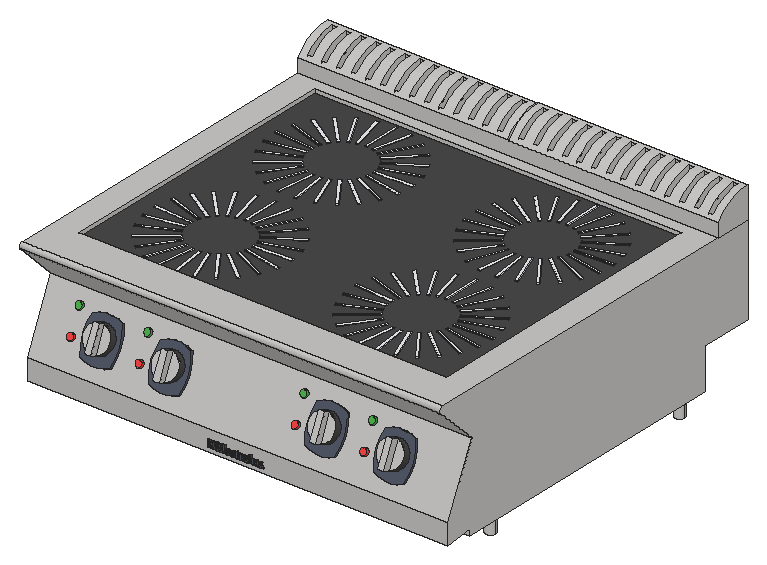
Revit family "QF_ELECTROLUXPROFESSIONAL_371134_E7IREH400N", category Specialty Equipment, Revit 2018
Family settings
  Round Connector Dimension = Use Diameter
  Part Type = Normal
  Work Plane-Based = No
  Always vertical = Yes
  Cut with Voids When Loaded = No
  Shared = No
  Room Calculation Point = No
Parameters
  Width = 800 mm  # constant formula
  Weight in Pounds = 77  # constant formula
  Watts = 8800 VA  # 8800 W
  Volts = 230 V  # constant formula
  URL Cutsheet = "www.electrolux.com/foodservice"
  URL = "www.electrolux.com/foodservice"
  Type Mark [instance] = ""
  Status [instance] = ""
  Specification by User [instance] = ""
  Specification by Manufacturer = ""
  Show Logo [instance] = yes
  Show Clearance [instance] = yes
  Serial Number = ""
  Seismic Rating = ""
  SMACNA No = ""
  Revision Code [instance] = ""
  Phase = 3  # constant formula
  Omniclass Number and Title = ""
  Number of Poles [instance] = 1
  NAFEM Spec ID Number = ""
  Model = "371134"
  Min Ckt Ampacity = 0 A
  Max Overcurrent Protection = 0 A
  Masterspec = ""
  Manufacturer = "ELECTROLUX"
  Item Number [instance] = ""
  Installed By [instance] = ""
  Identify Quantity as Lot [instance] = yes
  Height = 332 mm  # constant formula
  HP = "11.8 HP"
  Furnished By [instance] = ""
  Foodservice Equipment Identifier [instance] = yes
  FL Amps = if(Phase = 3, Watts / (Volts * 1.73), Watts / Volts)  # 22.1161 A
  Electrical Remarks [instance] = "230 V/3 ph/50/60 Hz"  # constant formula
  Electric Connection Type [instance] = ""
  Elec Conn RI Height [instance] = 0 mm
  Elec Conn Connection Height [instance] = 0 mm
  Direct Waste Size = 0"
  Description = "700XP 4 Zone Electric Infrared Cooking Top Range - 230V"
  Depth = 730 mm  # constant formula
  Cycle = if([60 Hertz Option], 60 Hz, 50 Hz)  # 60 Hz
  Conn Plug = ""
  Conn Conduit = yes
  CSI MasterFormat = ""
  CSI Master Format = ""
  Base Height [instance] = 24 mm  # constant formula
  Apparent Power = if(Phase = 3, Volts * FL Amps * 1.73, Volts * FL Amps)  # 8800 VA
  60 Hertz Option = not([50 Hertz Option])  # yes
  50 Hertz Option = no
Reference planes
  plane 1 "BACK": y = 0
  plane 2: z = 0
  plane 3 "LEFT": x = 0
  plane 4 "RIGHT": x = 800
  plane 5 "FRONT": y = -730
  plane 6 "TOP": z = 332
  plane 7 "Center Y": x = 400
  plane 8 "Center X": y = -365
  plane 9 "BASE": z = 24
  plane 10 "TOP A": z = 273.238
  plane 11: y = -597.884
  plane 12: y = -147.637
Forms (mm)
  Extrusion 1, solid, material "QF_Finishes_Stainless Steel"
    sketch origin (0, 0, 0) x (0, 1, 0) y (0, 0, 1)
      loop
        line (0, 273.237) -> (-725.027, 273.237)
        arc (-725.027, 273.237) -> (-730.893, 269.318) -> (-729.517, 262.397) r 6.35
        line (-729.517, 262.397) -> (-657.416, 190.047) -> (-713.522, 69.19) -> (-713.522, 31.09) -> (-660.4, 36.7) -> (-660.4, 24) -> (-101.6, 24) -> (-101.6, 101.788) -> (0, 101.788) -> (0, 273.237)
    from 0 to 800
  Extrusion 2, void
    sketch origin (0, 0, 273.238) x (-1, 0, 0) y (0, -1, 0)
      loop
        line (-50, 93.262) -> (-50, 653.262) -> (-750, 653.262) -> (-750, 93.262) -> (-50, 93.262)
    from 0 to -6.35
  Extrusion 3, solid, material "QF_Finishes_Stainless Steel"
    sketch origin (0, 0, 0) x (1, 0, 0) y (0, 1, 0)
      loop
        circle (11.112, -147.638) r 9.525
      loop
        circle (11.112, -597.884) r 9.525
      loop
        circle (788.887, -147.638) r 9.525
      loop
        circle (788.887, -597.884) r 9.525
    from 0 to 24
  Extrusion 4, solid, material "QF_Finishes_Navy Blue"
    sketch origin (-40.325, -713.522, 69.19) x (0, 0.421077, 0.907025) y (-1, 0, 0)
      loop
        arc (101.077, -132.565) -> (66.2, -125.548) -> (31.333, -132.61) r 89.894
        arc (31.333, -132.61) -> (24.638, -161.14) -> (31.333, -189.671) r 64.14
        arc (31.333, -189.671) -> (66.2, -196.736) -> (101.077, -189.715) r 89.853
        arc (101.077, -189.715) -> (107.792, -161.14) -> (101.077, -132.565) r 64.16
    from 0 to 3.175
  Extrusion 5, solid, material "QF_Finishes_Stainless Steel"
    sketch origin (-40.325, -716.402, 70.527) x (0, 0.421077, 0.907025) y (-1, 0, 0)
      loop
        circle (68.826, -160.963) r 25.4
    from 0 to 12.7
  Extrusion 6, solid, material "QF_Finishes_Stainless Steel"
    sketch origin (-40.325, -727.921, 75.875) x (0, 0.421077, 0.907025) y (-1, 0, 0)
      loop
        arc (93.558, -166.749) -> (94.226, -160.963) -> (93.558, -155.177) r 25.4
        line (93.558, -155.177) -> (44.094, -155.177)
        arc (44.094, -155.177) -> (43.426, -160.963) -> (44.094, -166.749) r 25.4
        line (44.094, -166.749) -> (93.558, -166.749)
    from 0 to 12.7
  Extrusion 7, solid, material "QF_Finishes_Green"
    sketch origin (-95, -709.311, 78.261) x (0, 0.421077, 0.907025) y (-1, 0, 0)
      loop
        circle (93.566, -160.648) r 6.35
    from 0 to 3.175
  Extrusion 8, solid, material "QF_Finishes_Red"
    sketch origin (-95, -719.312, 56.719) x (0, 0.421077, 0.907025) y (-1, 0, 0)
      loop
        circle (68.272, -160.648) r 6.4
    from 0 to 3.175
  Extrusion 9, solid, material "QF_Finishes_Stainless Steel"
    sketch origin (0, -101.6, 101.788) x (0, 0, -1) y (-1, 0, 0)
      loop
        circle (43.882, -736.5) r 12.7
    from 0 to 12.7
  Extrusion 10, solid, material "QF_Finishes_Clearance", visible <- "Show Clearance", detail levels coarse
    sketch origin (0, 0, 0) x (1, 0, 0) y (0, 1, 0)
      loop
        line (0, -731.377) -> (0, 0) -> (800, 0) -> (800, -731.377) -> (950.019, -731.377) -> (950.019, 150.019) -> (-150.019, 150.019) -> (-150.019, -731.377) -> (0, -731.377)
    from 0 to 332
  Extrusion 11, solid, material "QF_Finishes_Stainless Steel"
    sketch origin (0, 0, -1.4) x (0, 1, 0) y (0, 0, 1)
      loop
        line (0, 274.638) -> (0, 333.375)
        arc (0, 333.375) -> (-38.879, 324.991) -> (-69.85, 300.038) r 86.156
        line (-69.85, 300.038) -> (-69.85, 274.638) -> (0, 274.638)
    from 0 to 800.1
  Extrusion 12, void
    sketch origin (0, 0, 273.238) x (-1, 0, 0) y (0, -1, 0)
      loop
        line (-13.453, 6.761) -> (-13.453, 63.911) -> (-22.749, 63.911) -> (-22.749, 6.761) -> (-13.453, 6.761)
    from 25.4 to 63.5
  Extrusion 13, void
    sketch origin (361.95, 0, 273.238) x (-1, 0, 0) y (0, -1, 0)
      loop
        line (-13.453, 6.761) -> (-13.453, 63.911) -> (-22.749, 63.911) -> (-22.749, 6.761) -> (-13.453, 6.761)
    from 25.4 to 63.5
  Extrusion 14, void
    sketch origin (27.842, 0, 273.238) x (-1, 0, 0) y (0, -1, 0)
      loop
        line (-13.453, 6.761) -> (-13.453, 63.911) -> (-22.749, 63.911) -> (-22.749, 6.761) -> (-13.453, 6.761)
    from 25.4 to 63.5
  Extrusion 15, void
    sketch origin (55.685, 0, 273.238) x (-1, 0, 0) y (0, -1, 0)
      loop
        line (-13.453, 6.761) -> (-13.453, 63.911) -> (-22.749, 63.911) -> (-22.749, 6.761) -> (-13.453, 6.761)
    from 25.4 to 63.5
  Extrusion 16, void
    sketch origin (83.527, 0, 273.238) x (-1, 0, 0) y (0, -1, 0)
      loop
        line (-13.453, 6.761) -> (-13.453, 63.911) -> (-22.749, 63.911) -> (-22.749, 6.761) -> (-13.453, 6.761)
    from 25.4 to 63.5
  Extrusion 17, void
    sketch origin (111.369, 0, 273.238) x (-1, 0, 0) y (0, -1, 0)
      loop
        line (-13.453, 6.761) -> (-13.453, 63.911) -> (-22.749, 63.911) -> (-22.749, 6.761) -> (-13.453, 6.761)
    from 25.4 to 63.5
  Extrusion 18, void
    sketch origin (139.212, 0, 273.238) x (-1, 0, 0) y (0, -1, 0)
      loop
        line (-13.453, 6.761) -> (-13.453, 63.911) -> (-22.749, 63.911) -> (-22.749, 6.761) -> (-13.453, 6.761)
    from 25.4 to 63.5
  Extrusion 19, void
    sketch origin (167.054, 0, 273.238) x (-1, 0, 0) y (0, -1, 0)
      loop
        line (-13.453, 6.761) -> (-13.453, 63.911) -> (-22.749, 63.911) -> (-22.749, 6.761) -> (-13.453, 6.761)
    from 25.4 to 63.5
  Extrusion 20, void
    sketch origin (194.896, 0, 273.238) x (-1, 0, 0) y (0, -1, 0)
      loop
        line (-13.453, 6.761) -> (-13.453, 63.911) -> (-22.749, 63.911) -> (-22.749, 6.761) -> (-13.453, 6.761)
    from 25.4 to 63.5
  Extrusion 21, void
    sketch origin (222.738, 0, 273.238) x (-1, 0, 0) y (0, -1, 0)
      loop
        line (-13.453, 6.761) -> (-13.453, 63.911) -> (-22.749, 63.911) -> (-22.749, 6.761) -> (-13.453, 6.761)
    from 25.4 to 63.5
  Extrusion 22, void
    sketch origin (250.581, 0, 273.238) x (-1, 0, 0) y (0, -1, 0)
      loop
        line (-13.453, 6.761) -> (-13.453, 63.911) -> (-22.749, 63.911) -> (-22.749, 6.761) -> (-13.453, 6.761)
    from 25.4 to 63.5
  Extrusion 23, void
    sketch origin (278.423, 0, 273.238) x (-1, 0, 0) y (0, -1, 0)
      loop
        line (-13.453, 6.761) -> (-13.453, 63.911) -> (-22.749, 63.911) -> (-22.749, 6.761) -> (-13.453, 6.761)
    from 25.4 to 63.5
  Extrusion 24, void
    sketch origin (306.265, 0, 273.238) x (-1, 0, 0) y (0, -1, 0)
      loop
        line (-13.453, 6.761) -> (-13.453, 63.911) -> (-22.749, 63.911) -> (-22.749, 6.761) -> (-13.453, 6.761)
    from 25.4 to 63.5
  Extrusion 25, void
    sketch origin (334.108, 0, 273.238) x (-1, 0, 0) y (0, -1, 0)
      loop
        line (-13.453, 6.761) -> (-13.453, 63.911) -> (-22.749, 63.911) -> (-22.749, 6.761) -> (-13.453, 6.761)
    from 25.4 to 63.5
  Extrusion 26, void
    sketch origin (800.1, 0, 273.238) x (1, 0, 0) y (0, 1, 0)
      loop
        line (-13.453, -6.761) -> (-22.749, -6.761) -> (-22.749, -63.911) -> (-13.453, -63.911) -> (-13.453, -6.761)
    from 25.4 to 63.5
  Extrusion 27, void
    sketch origin (438.15, 0, 273.238) x (1, 0, 0) y (0, 1, 0)
      loop
        line (-13.453, -6.761) -> (-22.749, -6.761) -> (-22.749, -63.911) -> (-13.453, -63.911) -> (-13.453, -6.761)
    from 25.4 to 63.5
  Extrusion 28, void
    sketch origin (772.258, 0, 273.238) x (1, 0, 0) y (0, 1, 0)
      loop
        line (-13.453, -6.761) -> (-22.749, -6.761) -> (-22.749, -63.911) -> (-13.453, -63.911) -> (-13.453, -6.761)
    from 25.4 to 63.5
  Extrusion 29, void
    sketch origin (744.415, 0, 273.238) x (1, 0, 0) y (0, 1, 0)
      loop
        line (-13.453, -6.761) -> (-22.749, -6.761) -> (-22.749, -63.911) -> (-13.453, -63.911) -> (-13.453, -6.761)
    from 25.4 to 63.5
  Extrusion 30, void
    sketch origin (716.573, 0, 273.238) x (1, 0, 0) y (0, 1, 0)
      loop
        line (-13.453, -6.761) -> (-22.749, -6.761) -> (-22.749, -63.911) -> (-13.453, -63.911) -> (-13.453, -6.761)
    from 25.4 to 63.5
  Extrusion 31, void
    sketch origin (688.731, 0, 273.238) x (1, 0, 0) y (0, 1, 0)
      loop
        line (-13.453, -6.761) -> (-22.749, -6.761) -> (-22.749, -63.911) -> (-13.453, -63.911) -> (-13.453, -6.761)
    from 25.4 to 63.5
  Extrusion 32, void
    sketch origin (660.888, 0, 273.238) x (1, 0, 0) y (0, 1, 0)
      loop
        line (-13.453, -6.761) -> (-22.749, -6.761) -> (-22.749, -63.911) -> (-13.453, -63.911) -> (-13.453, -6.761)
    from 25.4 to 63.5
  Extrusion 33, void
    sketch origin (633.046, 0, 273.238) x (1, 0, 0) y (0, 1, 0)
      loop
        line (-13.453, -6.761) -> (-22.749, -6.761) -> (-22.749, -63.911) -> (-13.453, -63.911) -> (-13.453, -6.761)
    from 25.4 to 63.5
  Extrusion 34, void
    sketch origin (605.204, 0, 273.238) x (1, 0, 0) y (0, 1, 0)
      loop
        line (-13.453, -6.761) -> (-22.749, -6.761) -> (-22.749, -63.911) -> (-13.453, -63.911) -> (-13.453, -6.761)
    from 25.4 to 63.5
  Extrusion 35, void
    sketch origin (577.362, 0, 273.238) x (1, 0, 0) y (0, 1, 0)
      loop
        line (-13.453, -6.761) -> (-22.749, -6.761) -> (-22.749, -63.911) -> (-13.453, -63.911) -> (-13.453, -6.761)
    from 25.4 to 63.5
  Extrusion 36, void
    sketch origin (549.519, 0, 273.238) x (1, 0, 0) y (0, 1, 0)
      loop
        line (-13.453, -6.761) -> (-22.749, -6.761) -> (-22.749, -63.911) -> (-13.453, -63.911) -> (-13.453, -6.761)
    from 25.4 to 63.5
  Extrusion 37, void
    sketch origin (521.677, 0, 273.238) x (1, 0, 0) y (0, 1, 0)
      loop
        line (-13.453, -6.761) -> (-22.749, -6.761) -> (-22.749, -63.911) -> (-13.453, -63.911) -> (-13.453, -6.761)
    from 25.4 to 63.5
  Extrusion 38, void
    sketch origin (493.835, 0, 273.238) x (1, 0, 0) y (0, 1, 0)
      loop
        line (-13.453, -6.761) -> (-22.749, -6.761) -> (-22.749, -63.911) -> (-13.453, -63.911) -> (-13.453, -6.761)
    from 25.4 to 63.5
  Extrusion 39, void
    sketch origin (465.992, 0, 273.238) x (1, 0, 0) y (0, 1, 0)
      loop
        line (-13.453, -6.761) -> (-22.749, -6.761) -> (-22.749, -63.911) -> (-13.453, -63.911) -> (-13.453, -6.761)
    from 25.4 to 63.5
  Extrusion 40, void
    sketch origin (418.151, 0, 273.238) x (1, 0, 0) y (0, 1, 0)
      loop
        line (-16.513, 0) -> (-19.688, 0) -> (-19.688, -69.85) -> (-16.513, -69.85) -> (-16.513, 0)
    from 25.4 to 63.5
  Extrusion 41, solid, material "QF_Finishes_Navy Blue", visible <- "Show Logo"
    sketch origin (57.747, -713.772, 32.49) x (0, 0, 1) y (-1, 0, 0)
      loop
        line (20.674, -296.698) -> (8.307, -296.698)
        arc (8.307, -296.698) -> (14.491, -301.27) -> (20.674, -296.698) r 6.467
      loop
        arc (20.674, -296.069) -> (19.505, -290.926) -> (14.849, -288.448) r 6.338
        line (14.849, -288.448) -> (14.849, -290.494)
        arc (14.849, -290.494) -> (16.333, -294.149) -> (19.778, -296.069) r 5.941
        line (19.778, -296.069) -> (20.674, -296.069)
      loop
        arc (9.203, -296.069) -> (12.648, -294.149) -> (14.132, -290.494) r 5.941
        line (14.132, -290.494) -> (14.132, -288.448)
        arc (14.132, -288.448) -> (9.438, -290.922) -> (8.148, -296.069) r 6.504
        line (8.148, -296.069) -> (9.203, -296.069)
      loop
        line (21.349, -287.979) -> (7.604, -287.979) -> (7.604, -301.742) -> (21.349, -301.742) -> (21.349, -287.979)
      loop
        arc (21.432, -304.71) -> (21.085, -304.352) -> (20.718, -304.69) r 0.358
        arc (20.718, -304.69) -> (20.404, -305.44) -> (19.687, -305.825) r 1.216
        line (19.687, -305.825) -> (9.274, -305.825)
        arc (9.274, -305.825) -> (8.614, -305.548) -> (8.218, -304.951) r 1.238
        arc (8.218, -304.951) -> (7.823, -304.7) -> (7.518, -305.054) r 0.358
        line (7.518, -305.054) -> (7.518, -314.933) -> (10.269, -314.933) -> (10.269, -314.036)
        arc (10.269, -314.036) -> (9.36, -313.456) -> (8.904, -312.479) r 1.928
        line (8.904, -312.479) -> (8.904, -309.98)
        arc (8.904, -309.98) -> (9.18, -309.251) -> (9.868, -308.887) r 1.101
        line (9.868, -308.887) -> (13.955, -308.887) -> (13.955, -312.561)
        arc (13.955, -312.561) -> (13.602, -313.058) -> (13.037, -313.286) r 1.083
        arc (13.037, -313.286) -> (12.773, -313.591) -> (13.065, -313.869) r 0.292
        line (13.065, -313.869) -> (16.028, -313.869)
        arc (16.028, -313.869) -> (16.33, -313.596) -> (16.092, -313.266) r 0.305
        arc (16.092, -313.266) -> (15.601, -313.018) -> (15.296, -312.561) r 1.083
        line (15.296, -312.561) -> (15.296, -308.887) -> (19.973, -308.887) -> (19.973, -312.635)
        arc (19.973, -312.635) -> (19.759, -313.39) -> (19.153, -313.888) r 1.314
        arc (19.153, -313.888) -> (18.934, -314.292) -> (19.288, -314.585) r 0.361
        line (19.288, -314.585) -> (21.432, -314.585) -> (21.432, -304.71)
      loop
        arc (20.715, -315.365) -> (20.335, -316.284) -> (19.416, -316.664) r 1.299
        line (19.416, -316.664) -> (9.837, -316.664)
        arc (9.837, -316.664) -> (8.999, -316.286) -> (8.728, -315.408) r 1.118
        line (8.728, -315.408) -> (7.518, -315.408) -> (7.518, -320.758) -> (8.706, -320.758)
        arc (8.706, -320.758) -> (8.978, -319.841) -> (9.848, -319.445) r 1.153
        line (9.848, -319.445) -> (21.92, -319.445) -> (20.715, -315.365)
      loop
        line (12.483, -323.394) -> (12.483, -329.842) -> (13.282, -329.842)
        arc (13.282, -329.842) -> (15.862, -328.857) -> (17.131, -326.404) r 3.874
        line (17.131, -326.404) -> (17.131, -324.643)
        arc (17.131, -324.643) -> (15.944, -321.778) -> (13.08, -320.592) r 4.051
        line (13.08, -320.592) -> (11.072, -320.592)
        arc (11.072, -320.592) -> (8.253, -322.077) -> (7.202, -325.084) r 4.352
        arc (7.202, -325.084) -> (7.566, -327.547) -> (8.943, -329.621) r 5.713
        line (8.943, -329.621) -> (9.892, -329.621)
        arc (9.892, -329.621) -> (9.16, -328.052) -> (8.943, -326.334) r 5.579
        arc (8.943, -326.334) -> (9.737, -324.371) -> (11.616, -323.394) r 3.057
        line (11.616, -323.394) -> (12.483, -323.394)
      loop
        line (13.742, -323.394) -> (13.742, -326.977)
        arc (13.742, -326.977) -> (15.199, -327.024) -> (16.082, -325.864) r 1.59
        line (16.082, -325.864) -> (16.082, -325.034)
        arc (16.082, -325.034) -> (15.217, -323.779) -> (13.742, -323.394) r 2.184
      loop
        arc (16.533, -339.259) -> (17.022, -337.585) -> (17.179, -335.848) r 9.023
        line (17.179, -335.848) -> (17.179, -334.486)
        arc (17.179, -334.486) -> (16.02, -331.686) -> (13.22, -330.527) r 3.959
        line (13.22, -330.527) -> (10.62, -330.527)
        arc (10.62, -330.527) -> (8.338, -331.819) -> (7.221, -334.192) r 4.331
        line (7.221, -334.192) -> (7.221, -336.327)
        arc (7.221, -336.327) -> (7.729, -337.877) -> (8.651, -339.223) r 5.772
        arc (8.651, -339.223) -> (9.412, -339.274) -> (9.499, -338.515) r 0.553
        arc (9.499, -338.515) -> (9.111, -337.781) -> (8.977, -336.962) r 2.573
        line (8.977, -336.962) -> (8.977, -335.447)
        arc (8.977, -335.447) -> (9.983, -333.806) -> (11.798, -333.163) r 2.884
        line (11.798, -333.163) -> (13.077, -333.163)
        arc (13.077, -333.163) -> (14.898, -333.723) -> (15.824, -335.388) r 2.554
        line (15.824, -335.388) -> (15.824, -336.441)
        arc (15.824, -336.441) -> (15.493, -337.369) -> (14.836, -338.104) r 2.564
        arc (14.836, -338.104) -> (14.614, -338.821) -> (15.223, -339.259) r 0.643
        line (15.223, -339.259) -> (16.533, -339.259)
      loop
        line (15.515, -339.53) -> (15.515, -341.031) -> (9.467, -341.031)
        arc (9.467, -341.031) -> (7.879, -341.688) -> (7.221, -343.276) r 2.246
        line (7.221, -343.276) -> (7.221, -344.86)
        arc (7.221, -344.86) -> (7.535, -345.725) -> (8.035, -346.496) r 4.06
        arc (8.035, -346.496) -> (8.768, -346.629) -> (9.019, -345.928) r 0.576
        arc (9.019, -345.928) -> (8.913, -345.403) -> (8.977, -344.87) r 1.69
        arc (8.977, -344.87) -> (9.519, -344.082) -> (10.425, -343.779) r 1.506
        line (10.425, -343.779) -> (15.563, -343.779) -> (15.563, -346.176) -> (16.119, -346.733) -> (16.941, -346.733) -> (16.941, -343.873) -> (20.172, -343.873) -> (15.515, -339.53)
      loop
        line (7.438, -347.63) -> (7.438, -353.017) -> (8.548, -353.017)
        arc (8.548, -353.017) -> (8.942, -352.066) -> (9.893, -351.672) r 1.345
        line (9.893, -351.672) -> (13.509, -351.672)
        arc (13.509, -351.672) -> (14.274, -352.264) -> (14.564, -353.186) r 1.615
        line (14.564, -353.186) -> (14.564, -354.742) -> (17.119, -355.427) -> (17.119, -354.044) -> (15.177, -351.485) -> (17.057, -351.485) -> (16.773, -348.779)
        arc (16.773, -348.779) -> (16.333, -348.249) -> (15.674, -348.45) r 0.621
        arc (15.674, -348.45) -> (15.274, -348.792) -> (14.78, -348.975) r 1.501
        line (14.78, -348.975) -> (9.893, -348.975)
        arc (9.893, -348.975) -> (8.942, -348.581) -> (8.548, -347.63) r 1.345
        line (8.548, -347.63) -> (7.438, -347.63)
      loop
        line (13.54, -354.964) -> (10.848, -354.964)
        arc (10.848, -354.964) -> (8.403, -356.272) -> (7.269, -358.803) r 4.288
        arc (7.269, -358.803) -> (7.205, -360.183) -> (7.269, -361.563) r 15.022
        arc (7.269, -361.563) -> (8.403, -364.094) -> (10.848, -365.401) r 4.288
        line (10.848, -365.401) -> (13.54, -365.401)
        arc (13.54, -365.401) -> (15.986, -364.094) -> (17.119, -361.563) r 4.288
        arc (17.119, -361.563) -> (17.183, -360.183) -> (17.119, -358.803) r 15.022
        arc (17.119, -358.803) -> (15.986, -356.272) -> (13.54, -354.964) r 4.288
      loop
        line (13.745, -358.078) -> (10.643, -358.078)
        arc (10.643, -358.078) -> (8.486, -360.235) -> (10.643, -362.392) r 2.157
        line (10.643, -362.392) -> (13.745, -362.392)
        arc (13.745, -362.392) -> (15.902, -360.235) -> (13.745, -358.078) r 2.157
      loop
        arc (20.726, -365.26) -> (20.355, -366.154) -> (19.461, -366.524) r 1.264
        line (19.461, -366.524) -> (9.597, -366.524)
        arc (9.597, -366.524) -> (8.727, -366.127) -> (8.455, -365.211) r 1.153
        line (8.455, -365.211) -> (7.518, -365.211) -> (7.518, -370.319) -> (8.446, -370.319)
        arc (8.446, -370.319) -> (8.805, -369.547) -> (9.597, -369.232) r 1.153
        line (9.597, -369.232) -> (21.92, -369.232) -> (20.726, -365.26)
      loop
        arc (15.846, -369.857) -> (15.647, -370.921) -> (14.678, -371.403) r 1.215
        line (14.678, -371.403) -> (9.658, -371.403)
        arc (9.658, -371.403) -> (8.043, -372.051) -> (7.322, -373.634) r 2.338
        line (7.322, -373.634) -> (7.322, -375.148)
        arc (7.322, -375.148) -> (7.497, -376.152) -> (7.999, -377.038) r 2.979
        line (7.999, -377.038) -> (7.518, -378.835) -> (7.518, -380.524) -> (16.943, -380.524) -> (16.649, -376.32) -> (15.863, -376.32)
        arc (15.863, -376.32) -> (15.507, -377.156) -> (14.755, -377.665) r 1.605
        line (14.755, -377.665) -> (9.652, -377.665)
        arc (9.652, -377.665) -> (9.232, -376.728) -> (9.159, -375.704) r 2.94
        arc (9.159, -375.704) -> (9.72, -374.603) -> (10.873, -374.16) r 1.724
        line (10.873, -374.16) -> (17.07, -374.16) -> (15.846, -369.857)
      loop
        line (16.874, -381.377) -> (15.202, -383.423) -> (12.028, -385.729) -> (8.572, -382.617)
        arc (8.572, -382.617) -> (8.335, -382.223) -> (8.357, -381.764) r 0.789
        line (8.357, -381.764) -> (7.518, -381.764) -> (7.518, -385.309) -> (8.344, -385.309)
        arc (8.344, -385.309) -> (8.686, -384.947) -> (9.176, -385.039) r 0.52
        line (9.176, -385.039) -> (10.976, -386.51) -> (8.858, -387.886)
        arc (8.858, -387.886) -> (8.457, -387.576) -> (8.37, -387.076) r 0.7
        line (8.37, -387.076) -> (7.518, -387.076) -> (7.518, -393.003) -> (8.405, -393.003)
        arc (8.405, -393.003) -> (8.472, -392.344) -> (8.866, -391.813) r 1.247
        line (8.866, -391.813) -> (13.066, -388.532) -> (15.513, -390.585) -> (16.874, -392.327) -> (16.874, -388.604) -> (15.389, -389.026) -> (13.868, -387.749) -> (15.568, -386.559) -> (16.874, -387.336) -> (16.874, -381.377)
    from 0 to 1.644
  Extrusion 42, solid, material "QF_Finishes_Navy Blue"
    sketch origin (90.31, -713.522, 69.19) x (0, 0.421077, 0.907025) y (-1, 0, 0)
      loop
        arc (101.077, -132.565) -> (66.2, -125.548) -> (31.333, -132.61) r 89.894
        arc (31.333, -132.61) -> (24.638, -161.14) -> (31.333, -189.671) r 64.14
        arc (31.333, -189.671) -> (66.2, -196.736) -> (101.077, -189.715) r 89.853
        arc (101.077, -189.715) -> (107.792, -161.14) -> (101.077, -132.565) r 64.16
    from 0 to 3.175
  Extrusion 43, solid, material "QF_Finishes_Stainless Steel"
    sketch origin (90.31, -716.402, 70.527) x (0, 0.421077, 0.907025) y (-1, 0, 0)
      loop
        circle (68.826, -160.963) r 25.4
    from 0 to 12.7
  Extrusion 44, solid, material "QF_Finishes_Stainless Steel"
    sketch origin (90.31, -727.921, 75.875) x (0, 0.421077, 0.907025) y (-1, 0, 0)
      loop
        arc (93.558, -166.749) -> (94.226, -160.963) -> (93.558, -155.177) r 25.4
        line (93.558, -155.177) -> (44.094, -155.177)
        arc (44.094, -155.177) -> (43.426, -160.963) -> (44.094, -166.749) r 25.4
        line (44.094, -166.749) -> (93.558, -166.749)
    from 0 to 12.7
  Extrusion 45, solid, material "QF_Finishes_Green"
    sketch origin (35.635, -709.311, 78.261) x (0, 0.421077, 0.907025) y (-1, 0, 0)
      loop
        circle (93.566, -160.648) r 6.35
    from 0 to 3.175
  Extrusion 46, solid, material "QF_Finishes_Red"
    sketch origin (35.635, -719.312, 56.719) x (0, 0.421077, 0.907025) y (-1, 0, 0)
      loop
        circle (68.272, -160.648) r 6.4
    from 0 to 3.175
  Extrusion 47, solid, material "QF_Finishes_Navy Blue"
    sketch origin (840.325, -713.522, 69.19) x (0, 0.421077, 0.907025) y (-1, 0, 0)
      loop
        arc (101.077, 132.565) -> (107.792, 161.14) -> (101.077, 189.715) r 64.16
        arc (101.077, 189.715) -> (66.2, 196.736) -> (31.333, 189.671) r 89.853
        arc (31.333, 189.671) -> (24.638, 161.14) -> (31.333, 132.61) r 64.14
        arc (31.333, 132.61) -> (66.2, 125.548) -> (101.077, 132.565) r 89.894
    from 0 to 3.175
  Extrusion 48, solid, material "QF_Finishes_Stainless Steel"
    sketch origin (840.325, -716.402, 70.527) x (0, 0.421077, 0.907025) y (-1, 0, 0)
      loop
        circle (68.826, 160.963) r 25.4
    from 0 to 12.7
  Extrusion 49, solid, material "QF_Finishes_Stainless Steel"
    sketch origin (840.325, -727.921, 75.875) x (0, 0.421077, 0.907025) y (-1, 0, 0)
      loop
        line (93.558, 166.749) -> (44.094, 166.749)
        arc (44.094, 166.749) -> (43.426, 160.963) -> (44.094, 155.177) r 25.4
        line (44.094, 155.177) -> (93.558, 155.177)
        arc (93.558, 155.177) -> (94.226, 160.963) -> (93.558, 166.749) r 25.4
    from 0 to 12.7
  Extrusion 50, solid, material "QF_Finishes_Navy Blue"
    sketch origin (709.69, -713.522, 69.19) x (0, 0.421077, 0.907025) y (-1, 0, 0)
      loop
        arc (101.077, 132.565) -> (107.792, 161.14) -> (101.077, 189.715) r 64.16
        arc (101.077, 189.715) -> (66.2, 196.736) -> (31.333, 189.671) r 89.853
        arc (31.333, 189.671) -> (24.638, 161.14) -> (31.333, 132.61) r 64.14
        arc (31.333, 132.61) -> (66.2, 125.548) -> (101.077, 132.565) r 89.894
    from 0 to 3.175
  Extrusion 51, solid, material "QF_Finishes_Stainless Steel"
    sketch origin (709.69, -716.402, 70.527) x (0, 0.421077, 0.907025) y (-1, 0, 0)
      loop
        circle (68.826, 160.963) r 25.4
    from 0 to 12.7
  Extrusion 52, solid, material "QF_Finishes_Stainless Steel"
    sketch origin (709.69, -727.921, 75.875) x (0, 0.421077, 0.907025) y (-1, 0, 0)
      loop
        line (93.558, 166.749) -> (44.094, 166.749)
        arc (44.094, 166.749) -> (43.426, 160.963) -> (44.094, 155.177) r 25.4
        line (44.094, 155.177) -> (93.558, 155.177)
        arc (93.558, 155.177) -> (94.226, 160.963) -> (93.558, 166.749) r 25.4
    from 0 to 12.7
  Extrusion 53, solid, material "QF_Finishes_Green"
    sketch origin (332.734, -709.311, 78.261) x (0, 0.421077, 0.907025) y (-1, 0, 0)
      loop
        circle (93.566, -160.648) r 6.35
    from 0 to 3.175
  Extrusion 54, solid, material "QF_Finishes_Red"
    sketch origin (332.734, -719.312, 56.719) x (0, 0.421077, 0.907025) y (-1, 0, 0)
      loop
        circle (68.272, -160.648) r 6.4
    from 0 to 3.175
  Extrusion 55, solid, material "QF_Finishes_Green"
    sketch origin (463.369, -709.311, 78.261) x (0, 0.421077, 0.907025) y (-1, 0, 0)
      loop
        circle (93.566, -160.648) r 6.35
    from 0 to 3.175
  Extrusion 56, solid, material "QF_Finishes_Red"
    sketch origin (463.369, -719.312, 56.719) x (0, 0.421077, 0.907025) y (-1, 0, 0)
      loop
        circle (68.272, -160.648) r 6.4
    from 0 to 3.175
Cuts and joins
  Extrusion 2, Extrusion 12, Extrusion 13, Extrusion 14, Extrusion 15, Extrusion 16, Extrusion 17, Extrusion 18, Extrusion 19, Extrusion 20, Extrusion 21, Extrusion 22, Extrusion 23, Extrusion 24, Extrusion 25, Extrusion 26, Extrusion 27, Extrusion 28, Extrusion 29, Extrusion 30, Extrusion 31, Extrusion 32, Extrusion 33, Extrusion 34, Extrusion 35, Extrusion 36, Extrusion 37, Extrusion 38, Extrusion 39, Extrusion 40 cuts Extrusion 1
  joined: Extrusion 5, Extrusion 6
  Extrusion 12 cuts Extrusion 10
  Extrusion 12, Extrusion 13, Extrusion 14, Extrusion 15, Extrusion 16, Extrusion 17, Extrusion 18, Extrusion 19, Extrusion 20, Extrusion 21, Extrusion 22, Extrusion 23, Extrusion 24, Extrusion 25, Extrusion 26, Extrusion 27, Extrusion 28, Extrusion 29, Extrusion 30, Extrusion 31, Extrusion 32, Extrusion 33, Extrusion 34, Extrusion 35, Extrusion 36, Extrusion 37, Extrusion 38, Extrusion 39, Extrusion 40 cuts Extrusion 11
Lines and regions (mm)
  symbolic lines, style "QF-Clearances", visible <- "Show Clearance", detail levels coarse
    curve 1: line (-150.019, 150.019, 273.238) -> (-150.019, -731.377, 273.238)
    curve 2: line (950.019, 150.019, 273.237) -> (-150.019, 150.019, 273.238)
    curve 3: line (950.019, -731.377, 273.237) -> (950.019, 150.019, 273.237)
  symbolic lines
    curve 4: line (0, 0, 273.238) -> (800, 0, 273.237)
    curve 5: line (0, -730, 273.238) -> (0, 0, 273.238)
    curve 6: line (800, 0, 273.237) -> (800, -730, 273.237)
    curve 7: line (231.725, -69.85, 273.237) -> (0, -69.85, 273.238)
    curve 8: line (0, -69.85, 273.238) -> (0, -120.65, 273.238)
    curve 9: line (0, -69.85, 273.238) -> (398.546, -69.85, 273.237)
    curve 10: line (800, -730, 273.237) -> (0, -730, 273.238)
    curve 11: line (726.512, -356.903, 266.887) -> (738.006, -356.903, 266.887)
    curve 12: line (726.512, -389.159, 266.887) -> (726.512, -356.903, 266.887)
    curve 13: line (738.006, -389.159, 266.887) -> (726.512, -389.159, 266.887)
    curve 14: line (738.006, -356.903, 266.887) -> (738.006, -389.159, 266.887)
    curve 15: line (50, -653.262, 266.888) -> (50, -93.262, 266.888)
    curve 16: line (50, -93.262, 266.888) -> (750, -93.262, 266.887)
    curve 17: line (750, -93.262, 266.887) -> (750, -653.262, 266.887)
    curve 18: line (750, -653.262, 266.887) -> (50, -653.262, 266.888)
    curve 19: line (13.453, -63.911, 266.888) -> (13.453, -6.761, 266.888)
    curve 20: line (13.453, -6.761, 266.888) -> (22.749, -6.761, 266.888)
    curve 21: line (22.749, -6.761, 266.888) -> (22.749, -63.911, 266.888)
    curve 22: line (22.749, -63.911, 266.888) -> (13.453, -63.911, 266.888)
    curve 23: line (375.403, -63.911, 266.887) -> (375.403, -6.761, 266.887)
    curve 24: line (375.403, -6.761, 266.887) -> (384.699, -6.761, 266.887)
    curve 25: line (384.699, -6.761, 266.887) -> (384.699, -63.911, 266.887)
    curve 26: line (384.699, -63.911, 266.887) -> (375.403, -63.911, 266.887)
    curve 27: line (41.295, -63.911, 266.888) -> (41.295, -6.761, 266.888)
    curve 28: line (41.295, -6.761, 266.888) -> (50.591, -6.761, 266.888)
    curve 29: line (50.591, -6.761, 266.888) -> (50.591, -63.911, 266.888)
    curve 30: line (50.591, -63.911, 266.888) -> (41.295, -63.911, 266.888)
    curve 31: line (69.137, -63.911, 266.888) -> (69.137, -6.761, 266.888)
    curve 32: line (69.137, -6.761, 266.888) -> (78.433, -6.761, 266.888)
    curve 33: line (78.433, -6.761, 266.888) -> (78.433, -63.911, 266.888)
    curve 34: line (78.433, -63.911, 266.888) -> (69.137, -63.911, 266.888)
    curve 35: line (96.98, -63.911, 266.888) -> (96.98, -6.761, 266.888)
    curve 36: line (96.98, -6.761, 266.888) -> (106.275, -6.761, 266.888)
    curve 37: line (106.275, -6.761, 266.888) -> (106.275, -63.911, 266.888)
    curve 38: line (106.275, -63.911, 266.888) -> (96.98, -63.911, 266.888)
    curve 39: line (124.822, -63.911, 266.888) -> (124.822, -6.761, 266.888)
    curve 40: line (124.822, -6.761, 266.888) -> (134.118, -6.761, 266.888)
    curve 41: line (134.118, -6.761, 266.888) -> (134.118, -63.911, 266.888)
    curve 42: line (134.118, -63.911, 266.888) -> (124.822, -63.911, 266.888)
    curve 43: line (152.664, -63.911, 266.888) -> (152.664, -6.761, 266.888)
    curve 44: line (152.664, -6.761, 266.888) -> (161.96, -6.761, 266.888)
    curve 45: line (161.96, -6.761, 266.888) -> (161.96, -63.911, 266.888)
    curve 46: line (161.96, -63.911, 266.888) -> (152.664, -63.911, 266.888)
    curve 47: line (180.507, -63.911, 266.888) -> (180.507, -6.761, 266.888)
    curve 48: line (180.507, -6.761, 266.888) -> (189.802, -6.761, 266.888)
    curve 49: line (189.802, -6.761, 266.888) -> (189.802, -63.911, 266.888)
    curve 50: line (189.802, -63.911, 266.888) -> (180.507, -63.911, 266.888)
    curve 51: line (208.349, -63.911, 266.888) -> (208.349, -6.761, 266.888)
    curve 52: line (208.349, -6.761, 266.888) -> (217.645, -6.761, 266.888)
    curve 53: line (217.645, -6.761, 266.888) -> (217.645, -63.911, 266.888)
    curve 54: line (217.645, -63.911, 266.888) -> (208.349, -63.911, 266.888)
    curve 55: line (236.191, -63.911, 266.888) -> (236.191, -6.761, 266.888)
    curve 56: line (236.191, -6.761, 266.888) -> (245.487, -6.761, 266.888)
    curve 57: line (245.487, -6.761, 266.888) -> (245.487, -63.911, 266.888)
    curve 58: line (245.487, -63.911, 266.888) -> (236.191, -63.911, 266.888)
    curve 59: line (264.034, -63.911, 266.888) -> (264.034, -6.761, 266.888)
    curve 60: line (264.034, -6.761, 266.888) -> (273.329, -6.761, 266.888)
    curve 61: line (273.329, -6.761, 266.888) -> (273.329, -63.911, 266.888)
    curve 62: line (273.329, -63.911, 266.888) -> (264.034, -63.911, 266.888)
    curve 63: line (291.876, -63.911, 266.888) -> (291.876, -6.761, 266.888)
    curve 64: line (291.876, -6.761, 266.888) -> (301.172, -6.761, 266.888)
    curve 65: line (301.172, -6.761, 266.888) -> (301.172, -63.911, 266.888)
    curve 66: line (301.172, -63.911, 266.888) -> (291.876, -63.911, 266.888)
    curve 67: line (319.718, -63.911, 266.888) -> (319.718, -6.761, 266.888)
    curve 68: line (319.718, -6.761, 266.888) -> (329.014, -6.761, 266.888)
    curve 69: line (329.014, -6.761, 266.888) -> (329.014, -63.911, 266.888)
    curve 70: line (329.014, -63.911, 266.888) -> (319.718, -63.911, 266.888)
    curve 71: line (347.561, -63.911, 266.888) -> (347.561, -6.761, 266.888)
    curve 72: line (347.561, -6.761, 266.888) -> (356.856, -6.761, 266.888)
    curve 73: line (356.856, -6.761, 266.888) -> (356.856, -63.911, 266.888)
    curve 74: line (356.856, -63.911, 266.888) -> (347.561, -63.911, 266.888)
    curve 75: line (786.547, -63.911, 266.888) -> (786.547, -6.761, 266.888)
    curve 76: line (786.547, -6.761, 266.888) -> (777.251, -6.761, 266.888)
    curve 77: line (777.251, -6.761, 266.888) -> (777.251, -63.911, 266.888)
    curve 78: line (777.251, -63.911, 266.888) -> (786.547, -63.911, 266.888)
    curve 79: line (424.597, -63.911, 266.887) -> (424.597, -6.761, 266.887)
    curve 80: line (424.597, -6.761, 266.887) -> (415.301, -6.761, 266.887)
    curve 81: line (415.301, -6.761, 266.887) -> (415.301, -63.911, 266.887)
    curve 82: line (415.301, -63.911, 266.887) -> (424.597, -63.911, 266.887)
    curve 83: line (758.705, -63.911, 266.888) -> (758.705, -6.761, 266.888)
    curve 84: line (758.705, -6.761, 266.888) -> (749.409, -6.761, 266.888)
    curve 85: line (749.409, -6.761, 266.888) -> (749.409, -63.911, 266.888)
    curve 86: line (749.409, -63.911, 266.888) -> (758.705, -63.911, 266.888)
    curve 87: line (730.863, -63.911, 266.888) -> (730.863, -6.761, 266.888)
    curve 88: line (730.863, -6.761, 266.888) -> (721.567, -6.761, 266.888)
    curve 89: line (721.567, -6.761, 266.888) -> (721.567, -63.911, 266.888)
    curve 90: line (721.567, -63.911, 266.888) -> (730.863, -63.911, 266.888)
    curve 91: line (703.02, -63.911, 266.888) -> (703.02, -6.761, 266.888)
    curve 92: line (703.02, -6.761, 266.888) -> (693.725, -6.761, 266.888)
    curve 93: line (693.725, -6.761, 266.888) -> (693.725, -63.911, 266.888)
    curve 94: line (693.725, -63.911, 266.888) -> (703.02, -63.911, 266.888)
    curve 95: line (675.178, -63.911, 266.888) -> (675.178, -6.761, 266.888)
    curve 96: line (675.178, -6.761, 266.888) -> (665.882, -6.761, 266.888)
    curve 97: line (665.882, -6.761, 266.888) -> (665.882, -63.911, 266.888)
    curve 98: line (665.882, -63.911, 266.888) -> (675.178, -63.911, 266.888)
    curve 99: line (647.336, -63.911, 266.888) -> (647.336, -6.761, 266.888)
    curve 100: line (647.336, -6.761, 266.888) -> (638.04, -6.761, 266.888)
    curve 101: line (638.04, -6.761, 266.888) -> (638.04, -63.911, 266.888)
    curve 102: line (638.04, -63.911, 266.888) -> (647.336, -63.911, 266.888)
    curve 103: line (619.493, -63.911, 266.888) -> (619.493, -6.761, 266.888)
    curve 104: line (619.493, -6.761, 266.888) -> (610.198, -6.761, 266.888)
    curve 105: line (610.198, -6.761, 266.888) -> (610.198, -63.911, 266.888)
    curve 106: line (610.198, -63.911, 266.888) -> (619.493, -63.911, 266.888)
    curve 107: line (591.651, -63.911, 266.888) -> (591.651, -6.761, 266.888)
    curve 108: line (591.651, -6.761, 266.888) -> (582.355, -6.761, 266.888)
    curve 109: line (582.355, -6.761, 266.888) -> (582.355, -63.911, 266.888)
    curve 110: line (582.355, -63.911, 266.888) -> (591.651, -63.911, 266.888)
    curve 111: line (563.809, -63.911, 266.888) -> (563.809, -6.761, 266.888)
    curve 112: line (563.809, -6.761, 266.888) -> (554.513, -6.761, 266.888)
    curve 113: line (554.513, -6.761, 266.888) -> (554.513, -63.911, 266.888)
    curve 114: line (554.513, -63.911, 266.888) -> (563.809, -63.911, 266.888)
    curve 115: line (535.966, -63.911, 266.888) -> (535.966, -6.761, 266.888)
    curve 116: line (535.966, -6.761, 266.888) -> (526.671, -6.761, 266.888)
    curve 117: line (526.671, -6.761, 266.888) -> (526.671, -63.911, 266.888)
    curve 118: line (526.671, -63.911, 266.888) -> (535.966, -63.911, 266.888)
    curve 119: line (508.124, -63.911, 266.888) -> (508.124, -6.761, 266.888)
    curve 120: line (508.124, -6.761, 266.888) -> (498.828, -6.761, 266.888)
    curve 121: line (498.828, -6.761, 266.888) -> (498.828, -63.911, 266.888)
    curve 122: line (498.828, -63.911, 266.888) -> (508.124, -63.911, 266.888)
    curve 123: line (480.282, -63.911, 266.888) -> (480.282, -6.761, 266.888)
    curve 124: line (480.282, -6.761, 266.888) -> (470.986, -6.761, 266.888)
    curve 125: line (470.986, -6.761, 266.888) -> (470.986, -63.911, 266.888)
    curve 126: line (470.986, -63.911, 266.888) -> (480.282, -63.911, 266.888)
    curve 127: line (452.439, -63.911, 266.888) -> (452.439, -6.761, 266.888)
    curve 128: line (452.439, -6.761, 266.888) -> (443.144, -6.761, 266.888)
    curve 129: line (443.144, -6.761, 266.888) -> (443.144, -63.911, 266.888)
    curve 130: line (443.144, -63.911, 266.888) -> (452.439, -63.911, 266.888)
    curve 131: line (401.638, -69.85, 266.887) -> (401.638, 0, 266.887)
    curve 132: line (398.463, 0, 266.887) -> (398.463, -69.85, 266.887)
    curve 133: line (401.729, -69.85, 273.237) -> (800, -69.85, 273.237)
Dimensions and locks
  equal spacing: plane 3 "LEFT", plane 7 "Center Y", plane 4 "RIGHT"
  "Width": plane 3 "LEFT" to plane 4 "RIGHT"
  equal spacing: plane 5 "FRONT", plane 8 "Center X", plane 1 "BACK"
  "Depth": plane 5 "FRONT" to plane 1 "BACK"
  "Height": plane 6 "TOP" to level
  "Base Height": plane 9 "BASE" to level
  plane 1 "BACK" to plane 5 "FRONT" = 730 mm
  plane 10 "TOP A" to plane 9 "BASE" = 249.237 mm
  aligned and locked: level to plane 2
  aligned and locked: plane 4 "RIGHT" to Extrusion 1
  aligned and locked: Extrusion 3 to plane 9 "BASE"
  aligned and locked: plane 6 "TOP" to Extrusion 10
Automatic sketch dimensions
  Extrusion 11 sketch curve to plane 10 "TOP A" = 0 mm
  Extrusion 11 sketch curve to plane 1 "BACK" = 0 mm
  plane 1 "BACK" to Extrusion 11 sketch curve = 1.769 mm
  plane 10 "TOP A" to Extrusion 11 sketch curve = 25.4 mm
  plane 1 "BACK" to Extrusion 11 sketch curve = 69.85 mm
  Extrusion 11 sketch curve to plane 10 "TOP A" = 27.4 mm
  plane 1 "BACK" to Extrusion 12 sketch curve = 6.761 mm
  plane 3 "LEFT" to Extrusion 12 sketch curve = 22.749 mm
  Extrusion 12 sketch curve to Extrusion 12 sketch curve = 9.296 mm
  Extrusion 12 sketch curve to Extrusion 12 sketch curve = 57.15 mm
  plane 1 "BACK" to Extrusion 13 sketch curve = 6.761 mm
  Extrusion 13 sketch curve to plane 7 "Center Y" = 15.301 mm
  Extrusion 13 sketch curve to Extrusion 13 sketch curve = 9.296 mm
  Extrusion 13 sketch curve to Extrusion 13 sketch curve = 57.15 mm
  plane 1 "BACK" to Extrusion 14 sketch curve = 6.761 mm
  plane 3 "LEFT" to Extrusion 14 sketch curve = 50.591 mm
  Extrusion 14 sketch curve to Extrusion 14 sketch curve = 9.296 mm
  Extrusion 14 sketch curve to Extrusion 14 sketch curve = 57.15 mm
  plane 1 "BACK" to Extrusion 15 sketch curve = 6.761 mm
  plane 3 "LEFT" to Extrusion 15 sketch curve = 78.433 mm
  Extrusion 15 sketch curve to Extrusion 15 sketch curve = 9.296 mm
  Extrusion 15 sketch curve to Extrusion 15 sketch curve = 57.15 mm
  plane 1 "BACK" to Extrusion 16 sketch curve = 6.761 mm
  plane 3 "LEFT" to Extrusion 16 sketch curve = 106.275 mm
  Extrusion 16 sketch curve to Extrusion 16 sketch curve = 9.296 mm
  Extrusion 16 sketch curve to Extrusion 16 sketch curve = 57.15 mm
  plane 1 "BACK" to Extrusion 17 sketch curve = 6.761 mm
  plane 3 "LEFT" to Extrusion 17 sketch curve = 134.118 mm
  Extrusion 17 sketch curve to Extrusion 17 sketch curve = 9.296 mm
  Extrusion 17 sketch curve to Extrusion 17 sketch curve = 57.15 mm
  plane 1 "BACK" to Extrusion 18 sketch curve = 6.761 mm
  plane 3 "LEFT" to Extrusion 18 sketch curve = 161.96 mm
  Extrusion 18 sketch curve to Extrusion 18 sketch curve = 9.296 mm
  Extrusion 18 sketch curve to Extrusion 18 sketch curve = 57.15 mm
  plane 1 "BACK" to Extrusion 19 sketch curve = 6.761 mm
  plane 3 "LEFT" to Extrusion 19 sketch curve = 189.802 mm
  Extrusion 19 sketch curve to Extrusion 19 sketch curve = 9.296 mm
  Extrusion 19 sketch curve to Extrusion 19 sketch curve = 57.15 mm
  plane 1 "BACK" to Extrusion 20 sketch curve = 6.761 mm
  Extrusion 20 sketch curve to plane 7 "Center Y" = 182.355 mm
  Extrusion 20 sketch curve to Extrusion 20 sketch curve = 9.296 mm
  Extrusion 20 sketch curve to Extrusion 20 sketch curve = 57.15 mm
  plane 1 "BACK" to Extrusion 21 sketch curve = 6.761 mm
  Extrusion 21 sketch curve to plane 7 "Center Y" = 154.513 mm
  Extrusion 21 sketch curve to Extrusion 21 sketch curve = 9.296 mm
  Extrusion 21 sketch curve to Extrusion 21 sketch curve = 57.15 mm
  plane 1 "BACK" to Extrusion 22 sketch curve = 6.761 mm
  Extrusion 22 sketch curve to plane 7 "Center Y" = 126.671 mm
  Extrusion 22 sketch curve to Extrusion 22 sketch curve = 9.296 mm
  Extrusion 22 sketch curve to Extrusion 22 sketch curve = 57.15 mm
  plane 1 "BACK" to Extrusion 23 sketch curve = 6.761 mm
  Extrusion 23 sketch curve to plane 7 "Center Y" = 98.828 mm
  Extrusion 23 sketch curve to Extrusion 23 sketch curve = 9.296 mm
  Extrusion 23 sketch curve to Extrusion 23 sketch curve = 57.15 mm
  plane 1 "BACK" to Extrusion 24 sketch curve = 6.761 mm
  Extrusion 24 sketch curve to plane 7 "Center Y" = 70.986 mm
  Extrusion 24 sketch curve to Extrusion 24 sketch curve = 9.296 mm
  Extrusion 24 sketch curve to Extrusion 24 sketch curve = 57.15 mm
  plane 1 "BACK" to Extrusion 25 sketch curve = 6.761 mm
  Extrusion 25 sketch curve to plane 7 "Center Y" = 43.144 mm
  Extrusion 25 sketch curve to Extrusion 25 sketch curve = 9.296 mm
  Extrusion 25 sketch curve to Extrusion 25 sketch curve = 57.15 mm
  Extrusion 27 sketch curve to plane 1 "BACK" = 6.761 mm
  Extrusion 27 sketch curve to plane 7 "Center Y" = 15.401 mm
  Extrusion 27 sketch curve to Extrusion 27 sketch curve = 9.296 mm
  Extrusion 27 sketch curve to Extrusion 27 sketch curve = 57.15 mm
  Extrusion 34 sketch curve to plane 1 "BACK" = 6.761 mm
  Extrusion 34 sketch curve to plane 7 "Center Y" = 182.455 mm
  Extrusion 34 sketch curve to Extrusion 34 sketch curve = 9.296 mm
  Extrusion 34 sketch curve to Extrusion 34 sketch curve = 57.15 mm
  Extrusion 35 sketch curve to plane 1 "BACK" = 6.761 mm
  Extrusion 35 sketch curve to plane 7 "Center Y" = 154.613 mm
  Extrusion 35 sketch curve to Extrusion 35 sketch curve = 9.296 mm
  Extrusion 35 sketch curve to Extrusion 35 sketch curve = 57.15 mm
  Extrusion 36 sketch curve to plane 1 "BACK" = 6.761 mm
  Extrusion 36 sketch curve to plane 7 "Center Y" = 126.771 mm
  Extrusion 36 sketch curve to Extrusion 36 sketch curve = 9.296 mm
  Extrusion 36 sketch curve to Extrusion 36 sketch curve = 57.15 mm
  Extrusion 37 sketch curve to plane 1 "BACK" = 6.761 mm
  Extrusion 37 sketch curve to plane 7 "Center Y" = 98.928 mm
  Extrusion 37 sketch curve to Extrusion 37 sketch curve = 9.296 mm
  Extrusion 37 sketch curve to Extrusion 37 sketch curve = 57.15 mm
  Extrusion 38 sketch curve to plane 1 "BACK" = 6.761 mm
  Extrusion 38 sketch curve to plane 7 "Center Y" = 71.086 mm
  Extrusion 38 sketch curve to Extrusion 38 sketch curve = 9.296 mm
  Extrusion 38 sketch curve to Extrusion 38 sketch curve = 57.15 mm
  Extrusion 39 sketch curve to plane 1 "BACK" = 6.761 mm
  Extrusion 39 sketch curve to plane 7 "Center Y" = 43.244 mm
  Extrusion 39 sketch curve to Extrusion 39 sketch curve = 9.296 mm
  Extrusion 39 sketch curve to Extrusion 39 sketch curve = 57.15 mm
  plane 1 "BACK" to Extrusion 40 sketch curve = 0 mm
  plane 7 "Center Y" to Extrusion 40 sketch curve = 1.537 mm
  Extrusion 40 sketch curve to plane 7 "Center Y" = 1.638 mm
  Extrusion 40 sketch curve to Extrusion 40 sketch curve = 69.85 mm
  Extrusion 1 sketch curve to plane 10 "TOP A" = 0 mm
  Extrusion 1 sketch curve to plane 9 "BASE" = 0 mm
  Extrusion 1 sketch curve to plane 1 "BACK" = 0 mm
  Extrusion 1 sketch curve to plane 12 = 46.038 mm
  plane 11 to Extrusion 1 sketch curve = 59.531 mm
  plane 9 "BASE" to Extrusion 1 sketch curve = 12.7 mm
  plane 11 to Extrusion 1 sketch curve = 62.516 mm
  Extrusion 1 sketch curve to plane 5 "FRONT" = 16.478 mm
  Extrusion 1 sketch curve to plane 5 "FRONT" = 4.973 mm
  Extrusion 1 sketch curve to plane 5 "FRONT" = 0.483 mm
  plane 9 "BASE" to Extrusion 1 sketch curve = 7.09 mm
  Extrusion 1 sketch curve to Extrusion 1 sketch curve = 38.1 mm
  plane 9 "BASE" to Extrusion 1 sketch curve = 77.788 mm
  Extrusion 1 sketch curve to plane 10 "TOP A" = 83.191 mm
  Extrusion 1 sketch curve to plane 10 "TOP A" = 10.84 mm
  Extrusion 2 sketch curve to plane 4 "RIGHT" = 50 mm
  plane 3 "LEFT" to Extrusion 2 sketch curve = 50 mm
  Extrusion 2 sketch curve to plane 12 = 54.376 mm
  plane 11 to Extrusion 2 sketch curve = 55.377 mm
  plane 11 to Extrusion 3 sketch curve = 0 mm  (x2)
  plane 12 to Extrusion 3 sketch curve = 0 mm  (x2)
  plane 3 "LEFT" to Extrusion 3 sketch curve = 11.112 mm  (x2)
  Extrusion 3 sketch curve to plane 4 "RIGHT" = 11.113 mm  (x2)
  Extrusion 4 sketch curve to Extrusion 1 = 31.333 mm  (x2)
  Extrusion 4 sketch curve to Extrusion 4 sketch curve = 12.3 mm  (x3)
  Extrusion 4 sketch curve to Extrusion 4 sketch curve = 34.925 mm  (x2)
  Extrusion 1 to Extrusion 4 sketch curve = 44.467 mm
  Extrusion 1 to Extrusion 4 sketch curve = 175.117 mm
  Extrusion 4 sketch curve to Extrusion 4 sketch curve = 25.727 mm
  Extrusion 4 sketch curve to Extrusion 4 sketch curve = 25.771 mm
  Extrusion 4 sketch curve to Extrusion 4 sketch curve = 28.531 mm
  Extrusion 6 sketch curve to Extrusion 6 sketch curve = 24.732 mm
  Extrusion 6 sketch curve to Extrusion 6 sketch curve = 0 mm
  Extrusion 1 to Extrusion 7 sketch curve = 29.678 mm
  Extrusion 1 to Extrusion 7 sketch curve = 65.648 mm
  Extrusion 8 sketch curve to Extrusion 1 = 54.522 mm
  Extrusion 1 to Extrusion 8 sketch curve = 65.648 mm
  Extrusion 1 to Extrusion 9 sketch curve = 33.906 mm
  Extrusion 1 to Extrusion 9 sketch curve = 63.5 mm
  plane 1 "BACK" to Extrusion 10 sketch curve = 0 mm
  Extrusion 10 sketch curve to plane 3 "LEFT" = 0 mm
  Extrusion 10 sketch curve to plane 4 "RIGHT" = 0 mm
  Extrusion 10 sketch curve to plane 3 "LEFT" = 150.019 mm
  plane 5 "FRONT" to Extrusion 10 sketch curve = 1.377 mm  (x2)
  plane 4 "RIGHT" to Extrusion 10 sketch curve = 150.019 mm
  Extrusion 10 sketch curve to plane 1 "BACK" = 150.019 mm
  plane 1 "BACK" to curve 6 = 0 mm
  curve 6 to plane 4 "RIGHT" = 0 mm
  curve 10 to plane 3 "LEFT" = 0 mm
  curve 7 to plane 3 "LEFT" = 0 mm
  plane 5 "FRONT" to curve 5 = 0 mm
  plane 5 "FRONT" to curve 3 = 1.377 mm
  plane 4 "RIGHT" to curve 3 = 150.019 mm
  plane 1 "BACK" to curve 7 = 69.85 mm
  curve 7 to plane 7 "Center Y" = 168.275 mm
  plane 5 "FRONT" to curve 1 = 1.377 mm
  curve 1 to plane 3 "LEFT" = 150.019 mm
  curve 1 to plane 1 "BACK" = 150.019 mm
  curve 4 to curve 133 = 69.85 mm
  curve 8 to plane 12 = 26.988 mm
  curve 16 to Extrusion 2 = 0 mm  (x3)
  Extrusion 2 to curve 17 = 0 mm
  Extrusion 2 to curve 83 = 8.705 mm
  curve 78 to curve 83 = 18.547 mm
  curve 75 to curve 77 = 9.296 mm
  curve 85 to Extrusion 2 = 0.591 mm
  curve 13 to Extrusion 2 = 11.994 mm
  curve 84 to curve 88 = 18.547 mm
  curve 13 to curve 13 = 11.495 mm
  curve 87 to curve 88 = 9.296 mm
  curve 88 to curve 91 = 18.547 mm
  curve 91 to curve 93 = 9.296 mm
  curve 94 to curve 98 = 18.547 mm
  curve 95 to curve 96 = 9.296 mm
  curve 97 to curve 99 = 18.547 mm
  curve 99 to curve 100 = 9.296 mm
  curve 100 to curve 103 = 18.547 mm
  curve 103 to curve 105 = 9.296 mm
  curve 106 to curve 110 = 18.547 mm
  curve 107 to curve 109 = 9.296 mm
  curve 110 to curve 111 = 18.547 mm
  curve 111 to curve 112 = 9.296 mm
  curve 113 to curve 115 = 18.547 mm
  curve 115 to curve 118 = 9.296 mm
  curve 116 to curve 119 = 18.547 mm
  curve 119 to curve 122 = 9.296 mm
  curve 120 to curve 123 = 18.547 mm
  curve 123 to curve 126 = 9.296 mm
  curve 124 to curve 128 = 18.547 mm
  curve 127 to curve 129 = 9.296 mm
  curve 129 to curve 79 = 18.547 mm
  curve 79 to curve 80 = 9.296 mm
  curve 81 to curve 25 = 30.603 mm
  curve 25 to curve 26 = 9.296 mm
  curve 23 to curve 74 = 18.547 mm
  curve 73 to curve 74 = 9.296 mm
  curve 71 to curve 69 = 18.547 mm
  curve 68 to curve 67 = 9.296 mm
  curve 67 to curve 66 = 18.547 mm
  curve 64 to curve 63 = 9.296 mm
  curve 63 to curve 62 = 18.547 mm
  curve 60 to curve 59 = 9.296 mm
  curve 59 to curve 58 = 18.547 mm
  curve 56 to curve 55 = 9.296 mm
  curve 55 to curve 53 = 18.547 mm
  curve 52 to curve 51 = 9.296 mm
  curve 51 to curve 49 = 18.547 mm
  curve 48 to curve 48 = 9.296 mm
  curve 47 to curve 45 = 18.547 mm
  curve 45 to curve 43 = 9.296 mm
  curve 43 to curve 41 = 18.547 mm
  curve 40 to curve 40 = 9.296 mm
  curve 39 to curve 38 = 18.547 mm
  curve 36 to curve 35 = 9.296 mm
  curve 35 to curve 34 = 18.547 mm
  curve 32 to curve 32 = 9.296 mm
  curve 29 to Extrusion 2 = 0.591 mm
  Extrusion 2 to curve 27 = 8.705 mm
  curve 27 to curve 21 = 18.547 mm
  curve 20 to curve 20 = 9.296 mm
  Extrusion 2 to curve 122 = 29.351 mm
  Extrusion 2 to curve 71 = 29.351 mm
  Extrusion 2 to curve 66 = 29.351 mm
  Extrusion 2 to curve 130 = 29.351 mm
  curve 119 to curve 118 = 0 mm
  curve 126 to curve 121 = 0 mm
  curve 115 to curve 114 = 0 mm
  Extrusion 2 to curve 19 = 29.351 mm
  curve 111 to curve 110 = 0 mm
  curve 73 to curve 23 = 0 mm
  curve 107 to curve 106 = 0 mm
  curve 21 to curve 27 = 0 mm  (x2)
  curve 103 to curve 102 = 0 mm
  curve 29 to curve 31 = 0 mm  (x2)
  curve 99 to curve 98 = 0 mm
  curve 33 to curve 35 = 0 mm  (x2)
  curve 95 to curve 94 = 0 mm
  curve 37 to curve 39 = 0 mm  (x2)
  curve 91 to curve 90 = 0 mm
  curve 41 to curve 43 = 0 mm  (x2)
  curve 87 to curve 86 = 0 mm
  curve 45 to curve 47 = 0 mm  (x2)
  curve 82 to curve 129 = 0 mm
  curve 49 to curve 51 = 0 mm  (x2)
  curve 83 to curve 78 = 0 mm
  curve 53 to curve 55 = 0 mm  (x2)
  curve 57 to curve 59 = 0 mm  (x2)
  curve 65 to curve 70 = 0 mm
  curve 67 to curve 67 = 57.15 mm
  curve 120 to curve 121 = 57.15 mm
  curve 65 to curve 67 = 0 mm
  curve 68 to curve 71 = 0 mm
  curve 61 to curve 63 = 0 mm
  curve 75 to curve 75 = 57.15 mm
  curve 79 to curve 79 = 57.15 mm
  curve 83 to curve 76 = 0 mm
  curve 87 to curve 84 = 0 mm
  curve 91 to curve 88 = 0 mm
  curve 95 to curve 92 = 0 mm
  curve 99 to curve 96 = 0 mm
  curve 103 to curve 100 = 0 mm
  curve 107 to curve 104 = 0 mm
  curve 72 to curve 25 = 0 mm
  curve 111 to curve 108 = 0 mm
  curve 123 to curve 120 = 0 mm
  curve 115 to curve 112 = 0 mm
  curve 127 to curve 124 = 0 mm
  curve 11 to Extrusion 2 = 263.642 mm
  curve 11 to curve 14 = 32.256 mm
  Extrusion 26 sketch curve to plane 1 "BACK" = 6.761 mm
  plane 4 "RIGHT" to Extrusion 26 sketch curve = 22.649 mm
  Extrusion 26 sketch curve to Extrusion 26 sketch curve = 9.296 mm
  Extrusion 26 sketch curve to Extrusion 26 sketch curve = 57.15 mm
  Extrusion 28 sketch curve to plane 1 "BACK" = 6.761 mm
  plane 4 "RIGHT" to Extrusion 28 sketch curve = 50.491 mm
  Extrusion 28 sketch curve to Extrusion 28 sketch curve = 9.296 mm
  Extrusion 28 sketch curve to Extrusion 28 sketch curve = 57.15 mm
  Extrusion 29 sketch curve to plane 1 "BACK" = 6.761 mm
  plane 4 "RIGHT" to Extrusion 29 sketch curve = 78.333 mm
  Extrusion 29 sketch curve to Extrusion 29 sketch curve = 9.296 mm
  Extrusion 29 sketch curve to Extrusion 29 sketch curve = 57.15 mm
  Extrusion 30 sketch curve to plane 1 "BACK" = 6.761 mm
  plane 4 "RIGHT" to Extrusion 30 sketch curve = 106.175 mm
  Extrusion 30 sketch curve to Extrusion 30 sketch curve = 9.296 mm
  Extrusion 30 sketch curve to Extrusion 30 sketch curve = 57.15 mm
  Extrusion 31 sketch curve to plane 1 "BACK" = 6.761 mm
  plane 4 "RIGHT" to Extrusion 31 sketch curve = 134.018 mm
  Extrusion 31 sketch curve to Extrusion 31 sketch curve = 9.296 mm
  Extrusion 31 sketch curve to Extrusion 31 sketch curve = 57.15 mm
  Extrusion 32 sketch curve to plane 1 "BACK" = 6.761 mm
  plane 4 "RIGHT" to Extrusion 32 sketch curve = 161.86 mm
  Extrusion 32 sketch curve to Extrusion 32 sketch curve = 9.296 mm
  Extrusion 32 sketch curve to Extrusion 32 sketch curve = 57.15 mm
  Extrusion 33 sketch curve to plane 1 "BACK" = 6.761 mm
  plane 4 "RIGHT" to Extrusion 33 sketch curve = 189.702 mm
  Extrusion 33 sketch curve to Extrusion 33 sketch curve = 9.296 mm
  Extrusion 33 sketch curve to Extrusion 33 sketch curve = 57.15 mm
  plane 9 "BASE" to Extrusion 41 sketch curve = 10.651 mm
  plane 9 "BASE" to Extrusion 41 sketch curve = 15.692 mm
  plane 7 "Center Y" to Extrusion 41 sketch curve = 2.606 mm
  plane 9 "BASE" to Extrusion 41 sketch curve = 15.711 mm
  Extrusion 41 sketch curve to Extrusion 41 sketch curve = 0 mm  (x28)
  Extrusion 41 sketch curve to Extrusion 41 sketch curve = 5.108 mm  (x2)
  Extrusion 41 sketch curve to Extrusion 41 sketch curve = 0.054 mm
  Extrusion 41 sketch curve to Extrusion 41 sketch curve = 0.218 mm
  Extrusion 41 sketch curve to Extrusion 41 sketch curve = 0.195 mm
  Extrusion 41 sketch curve to Extrusion 41 sketch curve = 0.249 mm
  plane 9 "BASE" to Extrusion 41 sketch curve = 16.008 mm
  Extrusion 41 sketch curve to Extrusion 41 sketch curve = 0.087 mm
  Extrusion 41 sketch curve to Extrusion 41 sketch curve = 0.358 mm
  Extrusion 41 sketch curve to Extrusion 41 sketch curve = 0.481 mm
  Extrusion 41 sketch curve to Extrusion 41 sketch curve = 0.597 mm
  Extrusion 41 sketch curve to Extrusion 41 sketch curve = 0.544 mm
  Extrusion 41 sketch curve to Extrusion 41 sketch curve = 0.936 mm
  Extrusion 41 sketch curve to Extrusion 41 sketch curve = 0.594 mm
  Extrusion 41 sketch curve to Extrusion 41 sketch curve = 0.343 mm
  Extrusion 41 sketch curve to Extrusion 41 sketch curve = 0.159 mm
  Extrusion 41 sketch curve to Extrusion 41 sketch curve = 0.826 mm
  Extrusion 41 sketch curve to Extrusion 41 sketch curve = 0.839 mm
  Extrusion 41 sketch curve to Extrusion 41 sketch curve = 0.852 mm
  Extrusion 41 sketch curve to Extrusion 41 sketch curve = 0.887 mm
  Extrusion 41 sketch curve to Extrusion 41 sketch curve = 0.928 mm
  Extrusion 41 sketch curve to Extrusion 41 sketch curve = 0.938 mm
